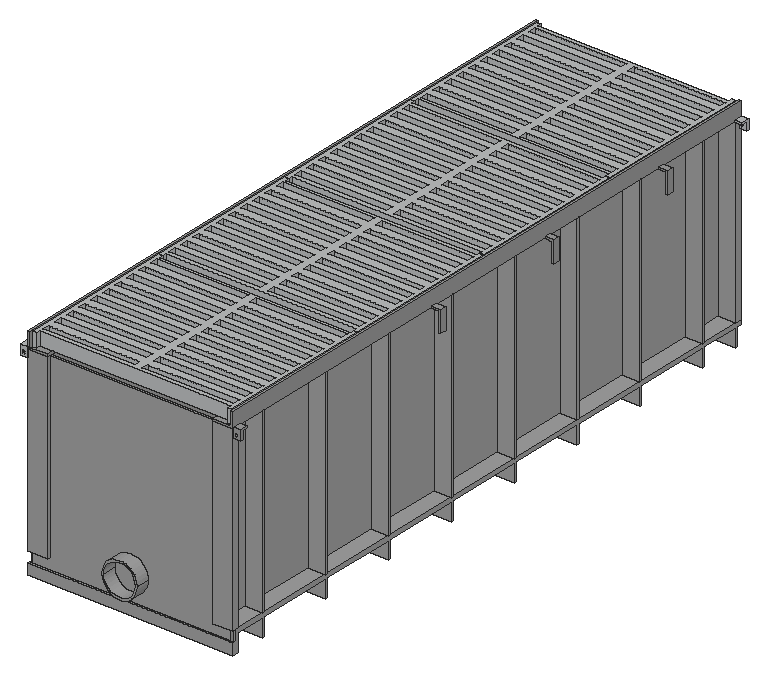
Revit family "Drain_Trench-Zurn-Z874-U-21-HDG", category Plumbing Fixtures, Revit 2022
Family settings
  Round Connector Dimension = Use Radius
  Part Type = Normal
  OmniClass Number = 23.70.50.21.24.14
  OmniClass Title = Deck Waste Water Drains
  Work Plane-Based = No
  Always vertical = Yes
  Cut with Voids When Loaded = No
  Maintain Annotation Orientation = No
  Shared = No
  Room Calculation Point = No
Parameters (values of type "Load Family Type Catalog")
  Waste Connection = 1 = 1  # yes
  WFU = 1  # constant formula
  Vent Connection = 1 = 0  # no
  URL = "www.zurn.com"
  Type Comments = "Z874-U-21-HDG with 4 Inch End outlet"
  Rotation Angle = if(Bottom Outlet, 180.00°, 90.00°)  # 90.00°
  Product data url = "https://www.bimobject.com/zurnindustries/product/z874-u-21-hdg"
  Product Page URL = "https://www.zurn.com/products/drainage-interceptors/trench-drain-systems/linear-trench-drain/sports-complex-recreational/z874-u-21-hdg"
  Product Documentation Link = "https://files.zurn.com/spec-sheets/303444.pdf"
  Pipe Size_A Outer Diameter = 4.500"
  Pipe Size_A Nominal Diameter = 4.000"
  Pipe Size_A Inside Diameter = 4.026"
  Offset Distance [instance] = if(Bottom Outlet, Connector Radius + 2.750", 42.000")  # 42.000"
  Modified Date = "03/06/2026"  # constant formula
  Model = "Z874-U-21-HDG"
  Material_Grate [instance] = Iron - Zurn - Galvanized- Ductile
  Manufacurer Brand = "Zurn"  # constant formula
  Manufacturer = "Zurn Water, LLC"  # constant formula
  Main Material [instance] = Polymer - Zurn - HDPE - Grey
  HWFU = 0  # constant formula
  HW Connection = 1 = 0  # no
  Frame Material = Steel - Zurn  - Galvanized
  Frame Adjustment Height [instance] = if([Enter Value-Frame Adjustment Height] < 4.000", 4.000", if([Enter Value-Frame Adjustment Height] > 31.250", 31.250", [Enter Value-Frame Adjustment Height]))  # 25.000"
  Enter Value-Frame Adjustment Height [instance] = 25.000"
  End Outlet = yes
  Description = "UTILITY TRENCH W/ GALVANIZED STEEL FRAME 21 [533] THROAT WIDTH & COVER"  # constant formula
  Default Elevation = 20.000"  # constant formula
  Date Created = "03/06/2026"  # constant formula
  Connector Visibility = no
  Connector Radius = Pipe Size_A Nominal Diameter / 2  # 2.000"
  CWFU = 0  # constant formula
  CW Connection = 1 = 0  # no
  Bottom Outlet = no
  Assembly Code = "D2040300"
Reference planes (in)
  plane 1 "Center (Front/Back)": y = 0
  plane 2: z = 0
  plane 3 "Center (Left/Right)": x = 0
  plane 4: z = 0
  plane 5: x = -13
  plane 6: x = 13
  plane 7: x = -12.75
  plane 8: x = 12.75
  plane 9: x = -10.5
  plane 10: x = 10.5
  plane 11: z = -2
  plane 12: z = -1.75
  plane 13: y = 40.28125
  plane 14: y = -40.28125
  plane 15: z = -27.75
  plane 16: z = -25
  plane 17: z = -25
  plane 18 "bottom": z = -27.75
  plane 19: x = -14
  plane 20: x = 14
  plane 21: z = -27.75
  plane 22: z = -25
  plane 23: z = -23
  plane 24 "End": y = -42
  plane 25: y = -42
  plane 26: z = -22.34318
  plane 27: z = -21
  plane 28: z = -25
  plane 29: y = -20
  plane 30: y = 0
  plane 31: y = 20
  plane 32: y = 39.71875
  plane 33: y = -40
  plane 34: y = 40
  plane 35: z = -4.47
  plane 36: y = -2
  plane 37: y = 2
  plane 38: x = 2
  plane 39: x = -2
Forms (in)
  Extrusion 1, solid, material "Steel - Zurn  - Galvanized" <- "Frame Material", detail levels fine
    sketch origin (0.5, 0, -1.75) x (1, 0, 0) y (0, 0, 1)
      loop
        line (10, -0.25) -> (12.5, -0.25) -> (12.5, 1.75) -> (12.25, 1.75) -> (12.25, 0) -> (10, 0) -> (10, -0.25)
      loop
        line (-11, -0.25) -> (-11, 0) -> (-13.25, 0) -> (-13.25, 1.75) -> (-13.5, 1.75) -> (-13.5, -0.25) -> (-11, -0.25)
    from -40.28125 to 40.28125
  Extrusion 2, solid, material "Polymer - Zurn - HDPE - Grey" <- "Main Material", detail levels fine
    sketch origin (-0.0023, -0.4887, 0) x (1, 0, 0) y (0, 1, 0)
      loop
        line (10.5023, -39.29255) -> (12.7523, -39.29255) -> (12.7523, -39.54255) -> (10.5023, -39.54255) -> (10.5023, -39.79255) -> (13.0023, -39.79255) -> (13.0023, -39.04255) -> (10.7523, -39.04255) -> (10.7523, -35.125) -> (13.0023, -35.125) -> (13.0023, -34.875) -> (10.7523, -34.875) -> (10.7523, -25.125) -> (13.0023, -25.125) -> (13.0023, -24.875) -> (10.7523, -24.875) -> (10.7523, -15.125) -> (13.0023, -15.125) -> (13.0023, -14.875) -> (10.7523, -14.875) -> (10.7523, -5.125) -> (13.0023, -5.125) -> (13.0023, -4.875) -> (10.7523, -4.875) -> (10.7523, 4.875) -> (13.0023, 4.875) -> (13.0023, 5.125) -> (10.7523, 5.125) -> (10.7523, 14.875) -> (13.0023, 14.875) -> (13.0023, 15.125) -> (10.7523, 15.125) -> (10.7523, 24.75188) -> (13.0023, 24.75188) -> (13.0023, 25.00188) -> (10.7523, 25.00188) -> (10.7523, 34.75188) -> (13.0023, 34.75188) -> (13.0023, 35.00188) -> (10.7523, 35.00188) -> (10.7523, 40.01995) -> (13.0023, 40.01995) -> (13.0023, 40.76995) -> (10.5023, 40.76995) -> (10.5023, 40.51995) -> (12.7523, 40.51995) -> (12.7523, 40.26995) -> (10.5023, 40.26995) -> (10.5023, -39.29255)
      loop
        line (-10.4977, -39.29255) -> (-10.4977, 40.26995) -> (-12.7477, 40.26995) -> (-12.7477, 40.51995) -> (-10.4977, 40.51995) -> (-10.4977, 40.76995) -> (-12.9977, 40.76995) -> (-12.9977, 40.01995) -> (-10.7477, 40.01995) -> (-10.7477, 35.00188) -> (-12.9977, 35.00188) -> (-12.9977, 34.75188) -> (-10.7477, 34.75188) -> (-10.7477, 25.00188) -> (-12.9977, 25.00188) -> (-12.9977, 24.75188) -> (-10.7477, 24.75188) -> (-10.7477, 15.125) -> (-12.9977, 15.125) -> (-12.9977, 14.875) -> (-10.7477, 14.875) -> (-10.7477, 5.125) -> (-12.9977, 5.125) -> (-12.9977, 4.875) -> (-10.7477, 4.875) -> (-10.7477, -4.875) -> (-12.9977, -4.875) -> (-12.9977, -5.125) -> (-10.7477, -5.125) -> (-10.7477, -14.875) -> (-12.9977, -14.875) -> (-12.9977, -15.125) -> (-10.7477, -15.125) -> (-10.7477, -24.875) -> (-12.9977, -24.875) -> (-12.9977, -25.125) -> (-10.7477, -25.125) -> (-10.7477, -34.875) -> (-12.9977, -34.875) -> (-12.9977, -35.125) -> (-10.7477, -35.125) -> (-10.7477, -39.04255) -> (-12.9977, -39.04255) -> (-12.9977, -39.79255) -> (-10.4977, -39.79255) -> (-10.4977, -39.54255) -> (-12.7477, -39.54255) -> (-12.7477, -39.29255) -> (-10.4977, -39.29255)
    from -25 to -2
  Extrusion 3, solid, material "Polymer - Zurn - HDPE - Grey" <- "Main Material", detail levels fine
    sketch origin (0, 0, -7.7389) x (0, 1, 0) y (0, 0, 1)
      loop
        line (-15.6137, -17.7611) -> (-15.6137, -20.0111) -> (-15.3637, -20.0111) -> (-15.3637, -17.7611) -> (-5.6137, -17.7611) -> (-5.6137, -20.0111) -> (-5.3637, -20.0111) -> (-5.3637, -17.7611) -> (4.3863, -17.7611) -> (4.3863, -20.0111) -> (4.6363, -20.0111) -> (4.6363, -17.7611) -> (14.3863, -17.7611) -> (14.3863, -20.0111) -> (14.6363, -20.0111) -> (14.6363, -17.7611) -> (24.26319, -17.7611) -> (24.26319, -20.0111) -> (24.51319, -20.0111) -> (24.51319, -17.7611) -> (34.26319, -17.7611) -> (34.26319, -20.0111) -> (34.51319, -20.0111) -> (34.51319, -17.7611) -> (39.53125, -17.7611) -> (39.53125, -20.0111) -> (39.71875, -20.0111) -> (39.71875, -17.7611) -> (40.28125, -17.7611) -> (40.28125, -17.2611) -> (-39.78125, -17.2611) -> (-39.78125, -19.3241) -> (-40.03125, -19.3241) -> (-40.03125, -18.5736) -> (-40.28125, -18.5736) -> (-40.28125, -20.0111) -> (-39.53125, -20.0111) -> (-39.53125, -17.7611) -> (-35.6137, -17.7611) -> (-35.6137, -20.0111) -> (-35.3637, -20.0111) -> (-35.3637, -17.7611) -> (-25.6137, -17.7611) -> (-25.6137, -20.0111) -> (-25.3637, -20.0111) -> (-25.3637, -17.7611) -> (-15.6137, -17.7611)
    from -13 to 13
  Extrusion 4, solid, material "Polymer - Zurn - HDPE - Grey" <- "Main Material", visible <- "Bottom Outlet", detail levels fine
    sketch origin (0, 0, 0) x (1, 0, 0) y (0, 1, 0)
      loop
        circle (0, 0) r 2.25
      loop
        circle (0, 0) r 2.013
    from -25.5 to -27.75
  Sweep 5, solid, material "Polymer - Zurn - HDPE - Grey" <- "Main Material", visible <- "Connector Visibility", detail levels fine
    path in 3D
      loop
        line (0, 0, -23) -> (0, -42, -23)
    profile origin (0, -21, -23) x (0, 0, -1) y (1, 0, 0)
      loop
        circle (0, 0) r 0.3
  Extrusion 6, solid, material "Polymer - Zurn - HDPE - Grey" <- "Main Material", visible <- "End Outlet", detail levels fine
    sketch origin (0, -0.95745, 0) x (1, 0, 0) y (0, 1, 0)
      loop
        line (-12.583, -39.0738) -> (12.583, -39.0738) -> (12.583, -38.8238) -> (-12.583, -38.8238) -> (-12.583, -39.0738)
    from -27.75 to -2
  Extrusion 7, solid, material "Polymer - Zurn - HDPE - Grey" <- "Main Material", visible <- "End Outlet", detail levels fine
    sketch origin (0, 0, 0) x (1, 0, 0) y (0, 0, 1)
      loop
        circle (0, -23) r 2.25
      loop
        circle (0, -23) r 2.013
    from 40.28125 to 42
  Extrusion 8, solid, material "Steel - Zurn  - Galvanized" <- "Frame Material", detail levels fine
    sketch origin (2.91829, -17.83491, -1.4875) x (1, 0, 0) y (0, 0, 1)
      loop
        line (5.58171, -0.2625) -> (5.58171, -0.5125) -> (6.58171, -0.5125) -> (6.58171, -2.9825) -> (6.83171, -2.9825) -> (6.83171, -0.2625) -> (5.58171, -0.2625)
      loop
        line (-15.91829, -0.2625) -> (-17.16829, -0.2625) -> (-17.16829, -2.9825) -> (-16.91829, -2.9825) -> (-16.91829, -0.5125) -> (-15.91829, -0.5125) -> (-15.91829, -0.2625)
    from 9.32009 to 10.0701
  Extrusion 9, solid, material "Steel - Zurn  - Galvanized" <- "Frame Material", detail levels fine
    sketch origin (0, 0, 0) x (0, 1, 0) y (0, 0, 1)
      loop
        line (-40.28125, -1.75) -> (-40.28125, -3) -> (-40.03125, -3) -> (-40.03125, -2) -> (-39.28125, -2) -> (-39.28125, -1.75) -> (-40.28125, -1.75)
    from 14 to 13
  Extrusion 10, void
    sketch origin (0, 0, 0) x (1, 0, 0) y (0, 0, 1)
      loop
        circle (13.5, -2.5) r 0.1875
      loop
        circle (-13.5, -2.5) r 0.1875
    from 39.78125 to 40.28125
  Extrusion 11, solid, material "Iron - Zurn - Galvanized- Ductile" <- "Material_Grate", detail levels fine
    sketch origin (0, 0, 0) x (0, 1, 0) y (0, 0, -1)
      loop
        line (-40.28125, 1.75) -> (-39.28125, 1.75) -> (-39.28125, 2) -> (-40.03125, 2) -> (-40.03125, 3) -> (-40.28125, 3) -> (-40.28125, 1.75)
    from 13 to 14
  Extrusion 12, void
    sketch origin (0, 0, 0) x (-1, 0, 0) y (0, 0, -1)
      loop
        circle (13.5, 2.5) r 0.1875
      loop
        circle (-13.5, 2.5) r 0.1875
    from 39.78125 to 40.28125
  Extrusion 13, solid, material "Iron - Zurn - Galvanized- Ductile" <- "Material_Grate", detail levels fine
    sketch origin (0, 0, 0) x (0, -1, 0) y (0, 0, 1)
      loop
        line (-40.28125, -1.75) -> (-40.28125, -3) -> (-40, -3) -> (-40, -2) -> (-39.28125, -2) -> (-39.28125, -1.75) -> (-40.28125, -1.75)
    from 13 to 14
  Extrusion 14, void
    sketch origin (0, 0, 0) x (-1, 0, 0) y (0, 0, 1)
      loop
        circle (13.5, -2.5) r 0.1875
      loop
        circle (-13.5, -2.5) r 0.1875
    from 39.78125 to 40.28125
  Extrusion 15, solid, material "Iron - Zurn - Galvanized- Ductile" <- "Material_Grate", detail levels fine
    sketch origin (0, 0, 0) x (0, -1, 0) y (0, 0, -1)
      loop
        line (-40.28125, 1.75) -> (-39.28125, 1.75) -> (-39.28125, 2) -> (-40, 2) -> (-40, 3) -> (-40.28125, 3) -> (-40.28125, 1.75)
    from 13 to 14
  Extrusion 16, void
    sketch origin (0, 0, 0) x (-1, 0, 0) y (0, 0, 1)
      loop
        circle (13.5, -2.5) r 0.1875
      loop
        circle (-13.5, -2.5) r 0.1875
    from 39.78125 to 40.28125
  Extrusion 17, solid, material "Steel - Zurn  - Galvanized" <- "Frame Material", detail levels fine
    sketch origin (2.91829, 17.83491, -1.4875) x (1, 0, 0) y (0, 0, -1)
      loop
        line (10.08171, 0.2625) -> (11.33171, 0.2625) -> (11.33171, 2.9825) -> (11.08171, 2.9825) -> (11.08171, 0.5125) -> (10.08171, 0.5125) -> (10.08171, 0.2625)
      loop
        line (-15.91829, 0.2625) -> (-15.91829, 0.5125) -> (-16.91829, 0.5125) -> (-16.91829, 2.9825) -> (-17.16829, 2.9825) -> (-17.16829, 0.2625) -> (-15.91829, 0.2625)
    from 9.32009 to 10.0701
  Extrusion 18, solid, material "Steel - Zurn  - Galvanized" <- "Frame Material", detail levels fine
    sketch origin (2.91829, -0.16509, -1.4875) x (1, 0, 0) y (0, 0, -1)
      loop
        line (10.08171, 0.2625) -> (11.33171, 0.2625) -> (11.33171, 2.9825) -> (11.08171, 2.9825) -> (11.08171, 0.5125) -> (10.08171, 0.5125) -> (10.08171, 0.2625)
      loop
        line (-15.91829, 0.2625) -> (-15.91829, 0.5125) -> (-16.91829, 0.5125) -> (-16.91829, 2.9825) -> (-17.16829, 2.9825) -> (-17.16829, 0.2625) -> (-15.91829, 0.2625)
    from 9.32009 to 10.0701
  Extrusion 19, solid, material "Steel - Zurn  - Galvanized" <- "Frame Material", detail levels fine
    sketch origin (2.91829, -18.16509, -1.4875) x (1, 0, 0) y (0, 0, -1)
      loop
        line (10.08171, 0.2625) -> (11.33171, 0.2625) -> (11.33171, 2.9825) -> (11.08171, 2.9825) -> (11.08171, 0.5125) -> (10.08171, 0.5125) -> (10.08171, 0.2625)
      loop
        line (-15.91829, 0.2625) -> (-15.91829, 0.5125) -> (-16.91829, 0.5125) -> (-16.91829, 2.9825) -> (-17.16829, 2.9825) -> (-17.16829, 0.2625) -> (-15.91829, 0.2625)
    from 9.32009 to 10.0701
Cuts and joins
  Extrusion 10, Extrusion 12, Extrusion 14, Extrusion 16 cuts Extrusion 9
  Extrusion 12, Extrusion 14, Extrusion 16 cuts Extrusion 11
  Extrusion 14 cuts Extrusion 13
  Extrusion 16 cuts Extrusion 15
Lines and regions (in)
  Masking region 1, visible <- "End Outlet", detail levels fine
    outline origin (0, 0, 0) x (1, 0, 0) y (0, 1, 0)
      loop
        line (-2.25, -42) -> (2.25, -42) -> (2.25, -40.28125) -> (-2.25, -40.28125) -> (-2.25, -42)
  Masking region 2, detail levels fine
    outline origin (0, 0, 0) x (1, 0, 0) y (0, 1, 0)
      loop
        line (-14, 40.28125) -> (-14, 39.28125) -> (-13, 39.28125) -> (-13, 27.90502) -> (-14.25, 27.90502) -> (-14.25, 27.155) -> (-13, 27.155) -> (-13, 9.90502) -> (-14.25, 9.90502) -> (-14.25, 9.155) -> (-13, 9.155) -> (-13, -8.09498) -> (-14.25, -8.09498) -> (-14.25, -8.845) -> (-13, -8.845) -> (-13, -27.155) -> (-14.25, -27.155) -> (-14.25, -27.90502) -> (-13, -27.90502) -> (-13, -39.28125) -> (-14, -39.28125) -> (-14, -40.28125) -> (14, -40.28125) -> (14, -39.28125) -> (13, -39.28125) -> (13, -27.90502) -> (14.25, -27.90502) -> (14.25, -27.155) -> (13, -27.155) -> (13, -8.845) -> (14.25, -8.845) -> (14.25, -8.09498) -> (13, -8.09498) -> (13, 9.155) -> (14.25, 9.155) -> (14.25, 9.90502) -> (13, 9.90502) -> (13, 27.155) -> (14.25, 27.155) -> (14.25, 27.90502) -> (13, 27.90502) -> (13, 39.28125) -> (14, 39.28125) -> (14, 40.28125) -> (-14, 40.28125)
  reference lines
    curve 1: line (0, 0, -23) -> (0, -42, -23)
  sketch lines
    curve 2: line (0, 0, -23) -> (0, -42, -23)
  model lines, detail levels coarse+medium
    curve 3: line (-13, -40, 0) -> (-13, 40, 0)
    curve 4: line (13, 40, 0) -> (13, -40, 0)
    curve 5: line (13, 40, 0) -> (-13, 40, 0)
    curve 6: line (-13, -40, 0) -> (13, -40, 0)
    curve 7: line (0, -40.28125, 0) -> (0, -40.28125, -25)
    curve 8: line (0, -40.28125, -25) -> (0, 40.28125, -25)
    curve 9: line (0, 40.28125, -25) -> (0, 40.28125, 0)
    curve 13: line (0, 40.28125, 0) -> (0, 40, 0)
    curve 14: line (0, -40.28125, 0) -> (0, -40, 0)
    curve 15: line (-8.66667, 40, 0) -> (-8.66667, -40, 0)
    curve 16: line (8.66667, -40, 0) -> (8.66667, 40, 0)
    curve 17: line (0, 40, 0) -> (0, -40, 0)
    curve 18: line (-13, 36.36364, 0) -> (13, 36.36364, 0)
    curve 19: line (-13, 32.72727, 0) -> (13, 32.72727, 0)
    curve 20: line (-13, 29.09091, 0) -> (13, 29.09091, 0)
    curve 21: line (-13, 25.45455, 0) -> (13, 25.45455, 0)
    curve 22: line (-13, 21.81818, 0) -> (13, 21.81818, 0)
    curve 23: line (-13, 3.63636, 0) -> (13, 3.63636, 0)
    curve 24: line (-13, 7.27273, 0) -> (13, 7.27273, 0)
    curve 25: line (-13, 10.90909, 0) -> (13, 10.90909, 0)
    curve 26: line (-13, 14.54545, 0) -> (13, 14.54545, 0)
    curve 27: line (-13, 18.18182, 0) -> (13, 18.18182, 0)
    curve 28: line (-13, -36.36364, 0) -> (13, -36.36364, 0)
    curve 29: line (-13, -32.72727, 0) -> (13, -32.72727, 0)
    curve 30: line (-13, -29.09091, 0) -> (13, -29.09091, 0)
    curve 31: line (-13, -25.45455, 0) -> (13, -25.45455, 0)
    curve 32: line (-13, -21.81818, 0) -> (13, -21.81818, 0)
    curve 33: line (-13, -7.27273, 0) -> (13, -7.27273, 0)
    curve 34: line (-13, -10.90909, 0) -> (13, -10.90909, 0)
    curve 35: line (-13, -14.54545, 0) -> (13, -14.54545, 0)
    curve 36: line (-13, -18.18182, 0) -> (13, -18.18182, 0)
    curve 37: line (-12.75, 0, 0) -> (13, 0, 0)
    curve 38: line (13, -3.63636, 0) -> (-13, -3.63636, 0)
    curve 39: line (-4.33333, 40, 0) -> (-4.33333, -40, 0)
    curve 40: line (4.33333, -40, 0) -> (4.33333, 40, 0)
    curve 41: line (12.75, 40, 0) -> (12.75, -40, 0)
    curve 42: line (-12.75, -40, 0) -> (-12.75, 40, 0)
  model lines, visible <- "Bottom Outlet", detail levels coarse+medium
    curve 10: line (0, 0, -25) -> (0, 0, -27.75)
    curve 43: line (-2, 0, -27.75) -> (2, 0, -27.75)
    curve 44: line (0, 2, -27.75) -> (0, -2, -27.75)
  model lines, visible <- "End Outlet", detail levels coarse+medium
    curve 11: line (0, -42, -23) -> (0, -40.28125, -23)
    curve 12: line (0, -42, -21) -> (0, -42, -25)
    curve 45: line (-2, -42, -23) -> (2, -42, -23)
Dimensions and locks (in)
  locked: level to plane 4
  equal spacing: plane 6, plane 3 "Center (Left/Right)", plane 5
  locked: plane 6 to plane 5 at 26
  locked: plane 7 to plane 5 at 0.25
  locked: plane 6 to plane 8 at 0.25
  equal spacing: plane 10, plane 3 "Center (Left/Right)", plane 9
  locked: plane 10 to plane 9 at 21
  locked: plane 4 to plane 11 at 2
  locked: plane 12 to plane 11 at 0.25
  equal spacing: plane 13, plane 1 "Center (Front/Back)", plane 14
  locked: plane 13 to plane 14 at 80.5625
  locked: Extrusion 3 sketch curve to Extrusion 3 sketch curve at 0.25  (x11)
  locked: plane 16 to plane 15 at 2.75
  locked: plane 17 to plane 18 "bottom" at 2.75
  locked: plane 22 to plane 21 at 2.75
  "Offset Distance": curve 1 to curve 1
  locked: plane 1 "Center (Front/Back)" to plane 24 "End" at 42
  locked: plane 25 to plane 24 "End"
  plane 13 to plane 1 "Center (Front/Back)" to plane 14 = 40.28125" locked, 40.28125" locked
  locked: Extrusion 1 to Extrusion 2 sketch curve at 0.25  (x2)
  locked: Extrusion 2 sketch curve to Extrusion 2 sketch curve at 0.25  (x18)
  Extrusion 2 sketch curve to Extrusion 1 = 0.250"
  locked: Extrusion 2 sketch curve to Extrusion 1 at 0.25
  locked: Extrusion 6 sketch curve to Extrusion 6 sketch curve at 0.25
  level to plane 22 = 25.000"
  "Frame Adjustment Height": level to plane 17
  plane 11 to plane 17 = 23.000"
  "Connector Radius": plane 23 to plane 17
  locked: Extrusion 3 sketch curve to Extrusion 2 at 0.5
  locked: Extrusion 8 to Extrusion 8 at 0.75002
  locked: Extrusion 8 to Extrusion 8 at 0.25  (x2)
  locked: Extrusion 8 sketch curve to Extrusion 8 sketch curve at 0.25  (x2)
  locked: Extrusion 9 sketch curve to Extrusion 9 sketch curve at 1
  locked: Extrusion 9 sketch curve to Extrusion 9 sketch curve at 1.25
  locked: Extrusion 9 sketch curve to Extrusion 2 at 0.25
  Extrusion 9 to plane 6 = 0.000"
  locked: plane 11 to Extrusion 10 sketch curve at 0.5  (x2)
  locked: Extrusion 10 sketch curve to plane 6 at 0.5
  locked: plane 5 to Extrusion 10 sketch curve at 0.5
  equal spacing: plane 27, plane 23, plane 28
  "Pipe Size_A Nominal Diameter": plane 27 to plane 28
  plane 14 to Extrusion 8 to Extrusion 8 to plane 13 = 12.37623" locked, 0.75002" locked, 67.43625"
  plane 13 to Extrusion 8 to Extrusion 8 to plane 14 = 67.43625", 0.75002" locked, 12.37623" locked
  Extrusion 8 to Extrusion 8 = 0.250"
  equal spacing: Masking region 1 sketch curve, plane 3 "Center (Left/Right)", Masking region 1 sketch curve
  equal spacing: plane 34, plane 31, plane 30, plane 29, plane 33, locked at 20 each
  plane 7 to plane 3 "Center (Left/Right)" = 12.750"
  equal spacing: curve 5, curve 18, curve 19, curve 20, curve 21, curve 22, curve 27, curve 26, curve 25, curve 24, curve 23, curve 37, curve 38, curve 33, curve 34, curve 35, curve 36, curve 32, curve 31, curve 30, curve 29, curve 28, curve 6, locked at 3.63636 each
  locked: plane 12 to plane 35 at 2.72
  locked: Extrusion 2 sketch curve to Extrusion 2 sketch curve at 3.91755
  locked: Extrusion 2 sketch curve to nested 1 at 9.6244
  locked: Extrusion 2 sketch curve to Extrusion 2 sketch curve at 9.75  (x5)
  locked: Extrusion 2 sketch curve to Extrusion 2 sketch curve at 9.62688
  locked: Extrusion 2 sketch curve to Extrusion 2 sketch curve at 5.26806
  equal spacing: curve 3, curve 15, curve 39, curve 17, curve 40, curve 16, curve 4, locked at 4.33333 each
  locked: Extrusion 11 sketch curve to Extrusion 11 sketch curve at 1
  locked: Extrusion 11 sketch curve to Extrusion 11 sketch curve at 1.25
  locked: plane 11 to Extrusion 11 at 0.25
  locked: Extrusion 13 sketch curve to Extrusion 13 sketch curve at 1
  locked: Extrusion 13 sketch curve to Extrusion 13 sketch curve at 1.25
  locked: Extrusion 15 sketch curve to Extrusion 15 sketch curve at 1
  locked: Extrusion 15 sketch curve to Extrusion 15 sketch curve at 1.25
  locked: Extrusion 17 to Extrusion 17 at 0.75002  (x3)
  locked: Extrusion 17 to Extrusion 17 at 0.25
  locked: Extrusion 17 sketch curve to Extrusion 17 sketch curve at 0.25  (x2)
  locked: Extrusion 18 to Extrusion 18 at 0.75002  (x3)
  locked: Extrusion 18 to Extrusion 18 at 0.25
  locked: Extrusion 18 sketch curve to Extrusion 18 sketch curve at 0.25  (x2)
  locked: Extrusion 19 to Extrusion 19 at 0.75002  (x3)
  locked: Extrusion 19 to Extrusion 19 at 0.25
  locked: Extrusion 19 sketch curve to Extrusion 19 sketch curve at 0.25  (x2)
  locked: plane 20 to plane 6 at 1
  locked: plane 5 to plane 19 at 1
  locked: Extrusion 3 sketch curve to Extrusion 3 sketch curve at 0.1875
  locked: Extrusion 3 sketch curve to Extrusion 3 sketch curve at 1.4375
  equal spacing: plane 39, plane 3 "Center (Left/Right)", plane 38
  equal spacing: plane 36, plane 1 "Center (Front/Back)", plane 37
  "Pipe Size_A Nominal Diameter": plane 39 to plane 38
  "Pipe Size_A Nominal Diameter": plane 36 to plane 37
  "Pipe Size_A Outer Diameter": diameter of Extrusion 4 sketch curve
  "Pipe Size_A Inside Diameter": diameter of Extrusion 4 sketch curve
  "Pipe Size_A Outer Diameter": diameter of Extrusion 7 sketch curve
  "Pipe Size_A Inside Diameter": diameter of Extrusion 7 sketch curve
  "Rotation Angle": angle curve 1 to plane 1 "Center (Front/Back)"
  aligned and locked: plane 2 to level
  aligned and locked: Extrusion 1 sketch curve to plane 4
  aligned and locked: plane 4 to Extrusion 1 sketch curve
  aligned and locked: plane 5 to Extrusion 1 sketch curve
  aligned and locked: Extrusion 1 sketch curve to plane 7
  aligned and locked: plane 6 to Extrusion 1 sketch curve
  aligned and locked: Extrusion 1 sketch curve to plane 8
  aligned and locked: Extrusion 1 sketch curve to plane 9
  aligned and locked: Extrusion 1 sketch curve to plane 10
  aligned and locked: Extrusion 1 sketch curve to plane 11
  aligned and locked: plane 12 to Extrusion 1 sketch curve
  aligned and locked: plane 11 to Extrusion 1 sketch curve
  aligned and locked: Extrusion 1 sketch curve to plane 12
  aligned and locked: Extrusion 1 to plane 13
  aligned and locked: plane 14 to Extrusion 1
  aligned and locked: Extrusion 2 sketch curve to Extrusion 2 sketch curve  (x45)
  aligned and locked: plane 11 to Extrusion 2
  aligned and locked: Extrusion 3 sketch curve to Extrusion 3 sketch curve  (x10)
  aligned and locked: plane 15 to Extrusion 3 sketch curve  (x4)
  aligned and locked: Extrusion 3 sketch curve to plane 15  (x2)
  aligned and locked: Extrusion 2 to plane 17
  aligned and locked: plane 21 to Extrusion 3 sketch curve
  aligned and locked: Extrusion 3 sketch curve to plane 22
  aligned and locked: plane 17 to plane 22
  aligned and locked: plane 15 to plane 18 "bottom"
  aligned and locked: plane 1 "Center (Front/Back)" to curve 1
  aligned and locked: plane 23 to curve 1
  aligned and locked: profile plane to Sweep 5 sketch curve  (x2)
  aligned and locked: plane 3 "Center (Left/Right)" to Extrusion 4 sketch curve
  aligned and locked: plane 1 "Center (Front/Back)" to Extrusion 4 sketch curve
  aligned and locked: Extrusion 3 sketch curve to plane 13
  aligned and locked: Extrusion 3 sketch curve to plane 14
  aligned and locked: Extrusion 2 sketch curve to plane 14
  aligned and locked: Extrusion 2 sketch curve to plane 13
  aligned and locked: plane 11 to Extrusion 6
  aligned and locked: plane 23 to Extrusion 7 sketch curve  (x2)
  aligned and locked: plane 3 "Center (Left/Right)" to Extrusion 7 sketch curve  (x2)
  aligned and locked: Extrusion 7 to plane 25
  aligned and locked: Extrusion 7 to plane 14
  aligned and locked: Extrusion 4 to plane 18 "bottom"
  aligned and locked: Extrusion 4 to Extrusion 3
  aligned and locked: Extrusion 9 sketch curve to plane 12
  aligned and locked: Extrusion 9 sketch curve to plane 11
  aligned and locked: Extrusion 1 to Extrusion 10
  aligned and locked: Extrusion 10 to Extrusion 2
  aligned and locked: plane 13 to curve 9
  aligned and locked: plane 17 to curve 8
  aligned and locked: curve 7 to plane 14
  aligned and locked: plane 17 to curve 10
  aligned and locked: plane 18 "bottom" to curve 10
  aligned and locked: plane 1 "Center (Front/Back)" to curve 10
  aligned and locked: plane 25 to curve 11
  aligned and locked: plane 14 to curve 11
  aligned and locked: curve 11 to plane 23
  aligned and locked: plane 27 to curve 12
  aligned and locked: plane 28 to curve 12
  aligned and locked: curve 12 to plane 3 "Center (Left/Right)"
  aligned and locked: Extrusion 8 sketch curve to plane 12  (x2)
  aligned and locked: plane 11 to Extrusion 8 sketch curve
  aligned and locked: Extrusion 8 sketch curve to plane 11
  aligned and locked: plane 12 to Extrusion 8
  aligned and locked: Extrusion 7 to Masking region 1 sketch curve  (x2)
  aligned and locked: plane 10 to Extrusion 2 sketch curve
  aligned and locked: plane 9 to Extrusion 2 sketch curve  (x3)
  aligned and locked: nested 1 to plane 12
  aligned and locked: plane 12 to nested 2
  aligned and locked: nested 3 to plane 12
  aligned and locked: nested 4 to plane 34
  aligned and locked: plane 31 to nested 3
  aligned and locked: plane 30 to nested 2
  aligned and locked: plane 33 to nested 1
  aligned and locked: plane 12 to nested 4
  aligned and locked: curve 6 to plane 33
  aligned and locked: plane 4 to curve 14
  aligned and locked: curve 13 to plane 4
  aligned and locked: plane 33 to curve 15
  aligned and locked: plane 34 to curve 15
  aligned and locked: Extrusion 2 sketch curve to plane 8
  aligned and locked: Extrusion 2 sketch curve to plane 7
  aligned and locked: Extrusion 2 sketch curve to plane 10
  aligned and locked: plane 8 to Extrusion 2 sketch curve
  aligned and locked: plane 7 to Extrusion 2 sketch curve
  aligned and locked: plane 5 to Extrusion 2 sketch curve  (x4)
  aligned and locked: plane 6 to Extrusion 2 sketch curve  (x2)
  aligned and locked: Extrusion 2 sketch curve to plane 6
  aligned and locked: Extrusion 3 to Extrusion 1
  aligned and locked: plane 5 to curve 18
  aligned and locked: plane 6 to curve 30
  aligned and locked: plane 6 to curve 35
  aligned and locked: curve 41 to plane 8
  aligned and locked: plane 7 to curve 42
  aligned and locked: Extrusion 11 to Extrusion 8
  aligned and locked: cut or joined group of Extrusion 15, Extrusion 16 to plane 13
  aligned and locked: cut or joined group of Extrusion 15, Extrusion 16 to plane 34
  aligned and locked: plane 12 to cut or joined group of Extrusion 15, Extrusion 16
  aligned and locked: plane 12 to cut or joined group of Extrusion 13, Extrusion 14
  aligned and locked: cut or joined group of Extrusion 13, Extrusion 14 to plane 11
  aligned and locked: cut or joined group of Extrusion 13, Extrusion 14 to plane 13
  aligned and locked: cut or joined group of Extrusion 13, Extrusion 14 to plane 34
  aligned and locked: Extrusion 3 sketch curve to plane 32
  aligned and locked: Extrusion 18 sketch curve to plane 12
  aligned and locked: plane 11 to Extrusion 18 sketch curve
  aligned and locked: plane 35 to Extrusion 18 sketch curve  (x3)
  aligned and locked: plane 12 to Extrusion 18 sketch curve
  aligned and locked: Extrusion 17 sketch curve to plane 12
  aligned and locked: plane 11 to Extrusion 17 sketch curve
  aligned and locked: plane 12 to Extrusion 17 sketch curve
  aligned and locked: Extrusion 17 sketch curve to plane 11
  aligned and locked: plane 12 to Extrusion 19 sketch curve
  aligned and locked: Extrusion 19 sketch curve to plane 11
  aligned and locked: Extrusion 19 sketch curve to plane 35
  aligned and locked: plane 35 to Extrusion 19 sketch curve  (x2)
  aligned and locked: Extrusion 19 sketch curve to plane 12
  aligned and locked: plane 11 to Extrusion 19 sketch curve
  aligned and locked: plane 6 to Extrusion 19 sketch curve
  aligned and locked: plane 5 to Extrusion 19 sketch curve
  aligned and locked: plane 35 to Extrusion 8 sketch curve
  aligned and locked: Extrusion 8 sketch curve to plane 35
  aligned and locked: plane 5 to Extrusion 8 sketch curve
  aligned and locked: plane 19 to Extrusion 8 sketch curve
  aligned and locked: plane 19 to Extrusion 19 sketch curve
  aligned and locked: plane 20 to Extrusion 19 sketch curve
  aligned and locked: plane 20 to Extrusion 18 sketch curve
  aligned and locked: plane 19 to Extrusion 18 sketch curve
  aligned and locked: Extrusion 18 sketch curve to plane 11
  aligned and locked: plane 19 to Extrusion 17 sketch curve
  aligned and locked: plane 35 to Extrusion 17 sketch curve
  aligned and locked: plane 20 to Extrusion 17 sketch curve
  aligned and locked: plane 6 to Extrusion 17 sketch curve
  aligned and locked: plane 18 "bottom" to Extrusion 6
  aligned and locked: Extrusion 11 to Extrusion 1
  aligned and locked: plane 20 to Extrusion 9
  aligned and locked: Extrusion 9 to Extrusion 1
  aligned and locked: Extrusion 15 to Extrusion 1
  aligned and locked: plane 20 to Extrusion 15
  aligned and locked: Extrusion 13 to Extrusion 1
  aligned and locked: Extrusion 13 to plane 19
  aligned and locked: plane 13 to Masking region 2 sketch curve
  aligned and locked: plane 19 to Masking region 2 sketch curve  (x2)
  aligned and locked: plane 20 to Masking region 2 sketch curve  (x2)
  aligned and locked: Masking region 2 sketch curve to plane 5  (x4)
  aligned and locked: Masking region 2 sketch curve to cut or joined group of Extrusion 13, Extrusion 14
  aligned and locked: Extrusion 17 to Masking region 2 sketch curve
  aligned and locked: Masking region 2 sketch curve to cut or joined group of Extrusion 11, Extrusion 12, Extrusion 14, Extrusion 16  (x2)
  aligned and locked: Masking region 2 sketch curve to Extrusion 17  (x5)
  aligned and locked: Extrusion 18 to Masking region 2 sketch curve
  aligned and locked: Masking region 2 sketch curve to Extrusion 19
  aligned and locked: Masking region 2 sketch curve to Extrusion 8
  aligned and locked: Masking region 2 sketch curve to plane 6  (x5)
  aligned and locked: plane 14 to Masking region 2 sketch curve
  aligned and locked: Extrusion 3 sketch curve to Extrusion 2  (x2)
  aligned and locked: Extrusion 2 to Extrusion 3 sketch curve  (x6)
  aligned and locked: Extrusion 19 to Masking region 2  (x2)
  aligned and locked: Masking region 2 to Extrusion 19  (x2)
  aligned and locked: Masking region 2 to Extrusion 18  (x2)
  aligned and locked: Extrusion 18 to Masking region 2  (x2)
  aligned and locked: Extrusion 17 to Masking region 2
  aligned and locked: plane 37 to curve 44
  aligned and locked: plane 36 to curve 44
  aligned and locked: curve 44 to plane 3 "Center (Left/Right)"
  aligned and locked: plane 38 to curve 43
  aligned and locked: plane 39 to curve 43
  aligned and locked: plane 1 "Center (Front/Back)" to curve 43
  aligned and locked: plane 39 to curve 45
  aligned and locked: plane 38 to curve 45
  aligned and locked: plane 24 "End" to curve 45
Automatic sketch dimensions
  curve 14 to plane 33 = 0.000"
  curve 13 to plane 34 = 0.000"
  Extrusion 2 sketch curve to plane 6 = 0.000"  (x5)
  plane 14 to Extrusion 2 sketch curve = 0.000"
  plane 13 to Extrusion 2 sketch curve = 0.000"
  Extrusion 3 sketch curve to plane 15 = 0.000"
  plane 15 to Extrusion 3 sketch curve = 0.687"
  Extrusion 3 sketch curve to Extrusion 3 sketch curve = 0.500"
  plane 7 to Extrusion 6 sketch curve = 0.167"
  Extrusion 6 sketch curve to plane 8 = 0.167"
  Extrusion 6 sketch curve to plane 33 = 0.03125"
  Extrusion 9 sketch curve to plane 33 = 0.03125"
  Extrusion 11 sketch curve to plane 14 = 0.000"
  Extrusion 11 sketch curve to plane 11 = 0.000"
  Extrusion 11 sketch curve to plane 12 = 0.000"
  Extrusion 11 sketch curve to plane 33 = 0.03125"
  plane 6 to Extrusion 12 sketch curve = 0.500"
  Extrusion 12 sketch curve to plane 5 = 0.500"
  Extrusion 12 sketch curve to plane 11 = 0.500"  (x2)
  Extrusion 13 sketch curve to plane 13 = 0.000"
  Extrusion 13 sketch curve to plane 11 = 0.000"
  Extrusion 13 sketch curve to plane 34 = 0.000"
  Extrusion 13 sketch curve to plane 12 = 0.000"
  plane 6 to Extrusion 14 sketch curve = 0.500"
  Extrusion 14 sketch curve to plane 5 = 0.500"
  Extrusion 14 sketch curve to plane 11 = 0.500"  (x2)
  Extrusion 15 sketch curve to plane 13 = 0.000"
  Extrusion 15 sketch curve to plane 11 = 0.000"
  Extrusion 15 sketch curve to plane 34 = 0.000"
  Extrusion 15 sketch curve to plane 12 = 0.000"
  plane 6 to Extrusion 16 sketch curve = 0.500"
  Extrusion 16 sketch curve to plane 5 = 0.500"
  Extrusion 16 sketch curve to plane 11 = 0.500"  (x2)
  Extrusion 17 sketch curve to plane 5 = 0.000"
  Extrusion 17 sketch curve to plane 35 = 0.000"
  Extrusion 18 sketch curve to plane 5 = 0.000"
  Extrusion 18 sketch curve to plane 6 = 0.000"
  Extrusion 8 sketch curve to plane 10 = 2.000"
  Extrusion 8 sketch curve to Extrusion 8 sketch curve = 1.000"
  Extrusion 4 sketch curve to Extrusion 4 sketch curve = 0.000"  (x2)
  Masking region 2 sketch curve to plane 5 = 0.000"
  plane 20 to Masking region 2 sketch curve = 0.250"  (x3)
  plane 33 to Masking region 2 sketch curve = 0.71875"
  Masking region 2 sketch curve to plane 29 = 7.90502"  (x2)
  Masking region 2 sketch curve to Masking region 2 sketch curve = 0.75002"  (x6)
  Masking region 2 sketch curve to plane 32 = 0.4375"
  Masking region 2 sketch curve to plane 1 "Center (Front/Back)" = 9.155"  (x2)
  plane 1 "Center (Front/Back)" to Masking region 2 sketch curve = 8.845"  (x2)
  Masking region 1 sketch curve to plane 39 = 0.250"
  radius of Sweep 5 sketch curve = 0.300"
  radius of Extrusion 10 sketch curve = 0.1875"  (x2)
  radius of Extrusion 12 sketch curve = 0.1875"  (x2)
  radius of Extrusion 14 sketch curve = 0.1875"  (x2)
  radius of Extrusion 16 sketch curve = 0.1875"  (x2)
Nested families (in)
  nested 1: "Grate" at (0, -30, 0), Material_Grate <- "Material_Grate", type "Grate", detail levels fine
    with Material_Grate Iron - Zurn - Galvanized- Ductile, Frame Adjustment Height 3.063", Enter Value-Frame Adjustment Height 0.000"
  nested 2: "Grate" at (0, -10, 0), Material_Grate <- "Material_Grate", type "Grate", detail levels fine
    with Material_Grate Iron - Zurn - Galvanized- Ductile, Frame Adjustment Height 3.063", Enter Value-Frame Adjustment Height 0.000"
  nested 3: "Grate" at (0, 10, 0), Material_Grate <- "Material_Grate", type "Grate", detail levels fine
    with Material_Grate Iron - Zurn - Galvanized- Ductile, Frame Adjustment Height 3.063", Enter Value-Frame Adjustment Height 0.000"
  nested 4: "Grate" at (0, 30, 0), Material_Grate <- "Material_Grate", type "Grate", detail levels fine
    with Material_Grate Iron - Zurn - Galvanized- Ductile, Frame Adjustment Height 3.063", Enter Value-Frame Adjustment Height 0.000"
Connectors (in)
  piping at (0, -42, -23), diameter 4, driven by "Connector Radius", driven by "Waste Connection"
    settings: on Sweep 5, index 1, connector inside diameter 24", connector length 0.000", flow factor 0, pipe flow 0 GPM, pressure drop 0.00 psi, fitting loss kfactor 0, connector angle 0.00°, fixture units 0, engagement length 0.000", angle of deflection 0.00°, flow configuration 0, flow direction 2, fitting loss method 0, system type 16, joint type 0, gender type 0, connector reference index -1, connector utility 1, adjustable connector no, is connector primary yes, connector description "Sanitary Outlet"
Definition of nested family "Grate"
  Parameters (values of type "Grate")
    Waste Connection = 1 = 1  # yes
    WFU = 1  # constant formula
    Vent Connection = 1 = 0  # no
    URL = "www.zurn.com"
    Product data url = ""
    Product Page URL = ""
    Product Installation Sheet URL = ""
    Product Documentation Link = ""
    Pipe Size_A Outer Diameter = 0.000"
    Pipe Size_A Nominal Diameter = 0.000"
    Pipe Size_A Inside Diameter = 0.000"
    Modified Date = ""
    Material_Grate [instance] = none
    Manufacurer Brand = "Zurn"  # constant formula
    Manufacturer = "Zurn Water, LLC"  # constant formula
    Main Material = none
    HWFU = 0  # constant formula
    HW Connection = 1 = 0  # no
    Grate Open Area = 0 mm
    Frame Adjustment Height [instance] = if([Enter Value-Frame Adjustment Height] < 3.063", 3.063", if([Enter Value-Frame Adjustment Height] > 5.000", 5.000", [Enter Value-Frame Adjustment Height]))  # 3.063"
    Enter Value-Frame Adjustment Height [instance] = 0.000"
    Default Elevation = 20.000"  # constant formula
    Date Created = ""
    Connector Radius = Pipe Size_A Nominal Diameter / 2  # 0.000"
    CWFU = 0  # constant formula
    CW Connection = 1 = 0  # no
    Body Height_E = 0.000"
    Assembly Code = ""
    Approx. Weight (Lbs) = 0.000"
  Reference planes (in)
    plane 1 "Center (Front/Back)": y = 0
    plane 2: z = 0
    plane 3 "Center (Left/Right)": x = 0
    plane 4: y = -17.64041
    plane 5: y = -18.85253
    plane 6: x = 12.125
    plane 7: x = -12.125
    plane 8: x = -0.5
    plane 9: x = 0.5
    plane 10: y = -10
    plane 11: y = -10
    plane 12: y = -8.09524
    plane 13: y = -9.04762
    plane 14: y = -6.19048
    plane 15: y = -7.14286
    plane 16: y = -4.28571
    plane 17: y = -5.2381
    plane 18: y = 8.09524
    plane 19: y = 9.04762
    plane 20: y = 6.19048
    plane 21: y = 7.14286
    plane 22: y = 4.28571
    plane 23: y = 5.2381
    plane 24: y = 2.38095
    plane 25: y = 3.33333
    plane 26: y = 0.47619
    plane 27: y = 1.42857
    plane 28: y = -1.42857
    plane 29: y = -0.47619
    plane 30: y = -3.33333
    plane 31: y = -2.38095
    plane 32: y = 10
    plane 33: x = -12.625
    plane 34: x = 12.625
  Forms (in)
    Extrusion 1, solid, material <- "Material_Grate", detail levels fine
      sketch origin (32.60582, 37.7453, 0) x (1, 0, 0) y (0, 1, 0)
        loop
          line (-45.23082, -27.7453) -> (-45.23082, -47.7453) -> (-44.73082, -47.7453) -> (-44.73082, -47.2453) -> (-20.48082, -47.2453) -> (-20.48082, -47.7453) -> (-19.98082, -47.7453) -> (-19.98082, -27.7453) -> (-20.48082, -27.7453) -> (-20.48082, -28.2453) -> (-44.73082, -28.2453) -> (-44.73082, -27.7453) -> (-45.23082, -27.7453)
        loop
          line (-20.48082, -46.79292) -> (-20.48082, -45.84054) -> (-32.10582, -45.84054) -> (-32.10582, -46.79292) -> (-20.48082, -46.79292)
        loop
          line (-20.48082, -44.88816) -> (-20.48082, -43.93578) -> (-32.10582, -43.93578) -> (-32.10582, -44.88816) -> (-20.48082, -44.88816)
        loop
          line (-20.48082, -42.9834) -> (-20.48082, -42.03102) -> (-32.10582, -42.03102) -> (-32.10582, -42.9834) -> (-20.48082, -42.9834)
        loop
          line (-20.48082, -28.69768) -> (-32.10582, -28.69768) -> (-32.10582, -29.65006) -> (-20.48082, -29.65006) -> (-20.48082, -28.69768)
        loop
          line (-20.48082, -30.60244) -> (-32.10582, -30.60244) -> (-32.10582, -31.55482) -> (-20.48082, -31.55482) -> (-20.48082, -30.60244)
        loop
          line (-20.48082, -32.50721) -> (-32.10582, -32.50721) -> (-32.10582, -33.45959) -> (-20.48082, -33.45959) -> (-20.48082, -32.50721)
        loop
          line (-20.48082, -34.41197) -> (-32.10582, -34.41197) -> (-32.10582, -35.36435) -> (-20.48082, -35.36435) -> (-20.48082, -34.41197)
        loop
          line (-20.48082, -36.31673) -> (-32.10582, -36.31673) -> (-32.10582, -37.26911) -> (-20.48082, -37.26911) -> (-20.48082, -36.31673)
        loop
          line (-20.48082, -38.22149) -> (-32.10582, -38.22149) -> (-32.10582, -39.17387) -> (-20.48082, -39.17387) -> (-20.48082, -38.22149)
        loop
          line (-44.73082, -46.79292) -> (-33.10582, -46.79292) -> (-33.10582, -45.84054) -> (-44.73082, -45.84054) -> (-44.73082, -46.79292)
        loop
          line (-44.73082, -44.88816) -> (-33.10582, -44.88816) -> (-33.10582, -43.93578) -> (-44.73082, -43.93578) -> (-44.73082, -44.88816)
        loop
          line (-44.73082, -42.9834) -> (-33.10582, -42.9834) -> (-33.10582, -42.03102) -> (-44.73082, -42.03102) -> (-44.73082, -42.9834)
        loop
          line (-44.73082, -28.69768) -> (-44.73082, -29.65006) -> (-33.10582, -29.65006) -> (-33.10582, -28.69768) -> (-44.73082, -28.69768)
        loop
          line (-44.73082, -30.60244) -> (-44.73082, -31.55482) -> (-33.10582, -31.55482) -> (-33.10582, -30.60244) -> (-44.73082, -30.60244)
        loop
          line (-44.73082, -32.50721) -> (-44.73082, -33.45959) -> (-33.10582, -33.45959) -> (-33.10582, -32.50721) -> (-44.73082, -32.50721)
        loop
          line (-44.73082, -34.41197) -> (-44.73082, -35.36435) -> (-33.10582, -35.36435) -> (-33.10582, -34.41197) -> (-44.73082, -34.41197)
        loop
          line (-44.73082, -36.31673) -> (-44.73082, -37.26911) -> (-33.10582, -37.26911) -> (-33.10582, -36.31673) -> (-44.73082, -36.31673)
        loop
          line (-44.73082, -38.22149) -> (-44.73082, -39.17387) -> (-33.10582, -39.17387) -> (-33.10582, -38.22149) -> (-44.73082, -38.22149)
        loop
          line (-20.48082, -40.12625) -> (-32.10582, -40.12625) -> (-32.10582, -41.07863) -> (-20.48082, -41.07863) -> (-20.48082, -40.12625)
        loop
          line (-44.73082, -40.12625) -> (-44.73082, -41.07863) -> (-33.10582, -41.07863) -> (-33.10582, -40.12625) -> (-44.73082, -40.12625)
      from -1.75 to 0
  Dimensions and locks (in)
    locked: plane 5 to plane 4 at 1.21212
    plane 8 to plane 3 "Center (Left/Right)" to plane 9 = 0.500" locked, 0.500" locked
    locked: Extrusion 1 sketch curve to Extrusion 1 sketch curve at 0.5
    plane 33 to plane 3 "Center (Left/Right)" to plane 34 = 12.625" locked, 12.625" locked
    locked: plane 33 to plane 7 at 0.5
    locked: plane 6 to plane 34 at 0.5
    equal spacing: plane 32, plane 1 "Center (Front/Back)", plane 11, locked at 10 each
    equal spacing: plane 32, plane 19, plane 18, plane 21, plane 20, plane 23, plane 22, plane 25, plane 24, plane 27, plane 26, plane 29, plane 28, plane 31, plane 30, plane 16, plane 17, plane 14, plane 15, plane 12, plane 13, plane 11, locked at 0.95238 each
    aligned and locked: plane 2 to level
    aligned and locked: Extrusion 1 sketch curve to Extrusion 1 sketch curve
    aligned and locked: plane 13 to Extrusion 1 sketch curve
    aligned and locked: Extrusion 1 sketch curve to plane 12
    aligned and locked: plane 15 to Extrusion 1 sketch curve
    aligned and locked: Extrusion 1 sketch curve to plane 14
    aligned and locked: plane 17 to Extrusion 1 sketch curve
    aligned and locked: Extrusion 1 sketch curve to plane 16
    aligned and locked: plane 7 to Extrusion 1 sketch curve  (x8)
    aligned and locked: Extrusion 1 sketch curve to plane 7  (x4)
    aligned and locked: plane 8 to Extrusion 1 sketch curve  (x3)
    aligned and locked: Extrusion 1 sketch curve to plane 8  (x6)
    aligned and locked: Extrusion 1 sketch curve to plane 9  (x7)
    aligned and locked: plane 9 to Extrusion 1 sketch curve  (x4)
    aligned and locked: plane 6 to Extrusion 1 sketch curve  (x11)
    aligned and locked: Extrusion 1 sketch curve to plane 19  (x2)
    aligned and locked: Extrusion 1 sketch curve to plane 18
    aligned and locked: plane 18 to Extrusion 1 sketch curve
    aligned and locked: Extrusion 1 sketch curve to plane 21  (x2)
    aligned and locked: Extrusion 1 sketch curve to plane 20
    aligned and locked: plane 20 to Extrusion 1 sketch curve
    aligned and locked: Extrusion 1 sketch curve to plane 23  (x2)
    aligned and locked: plane 22 to Extrusion 1 sketch curve  (x2)
    aligned and locked: Extrusion 1 sketch curve to plane 25  (x2)
    aligned and locked: Extrusion 1 sketch curve to plane 24
    aligned and locked: Extrusion 1 sketch curve to plane 27  (x2)
    aligned and locked: plane 26 to Extrusion 1 sketch curve
    aligned and locked: Extrusion 1 sketch curve to plane 26
    aligned and locked: Extrusion 1 sketch curve to plane 29  (x2)
    aligned and locked: plane 28 to Extrusion 1 sketch curve
    aligned and locked: Extrusion 1 sketch curve to plane 28
    aligned and locked: plane 16 to Extrusion 1 sketch curve
    aligned and locked: plane 14 to Extrusion 1 sketch curve
    aligned and locked: Extrusion 1 sketch curve to plane 15
    aligned and locked: plane 12 to Extrusion 1 sketch curve
    aligned and locked: Extrusion 1 sketch curve to plane 13
    aligned and locked: Extrusion 1 sketch curve to plane 6
    aligned and locked: Extrusion 1 sketch curve to plane 17
    aligned and locked: Extrusion 1 sketch curve to plane 31  (x2)
    aligned and locked: plane 30 to Extrusion 1 sketch curve
    aligned and locked: Extrusion 1 sketch curve to plane 30
    aligned and locked: plane 24 to Extrusion 1 sketch curve
    aligned and locked: plane 10 to plane 11
    aligned and locked: Extrusion 1 sketch curve to plane 32  (x2)
    aligned and locked: Extrusion 1 sketch curve to plane 33
    aligned and locked: Extrusion 1 sketch curve to plane 34
    aligned and locked: plane 11 to Extrusion 1 sketch curve
Types in the file's own list only (11): name | Type Comments | Rotation Angle | Pipe Size_A Outer Diameter | Pipe Size_A Nominal Diameter | Pipe Size_A Inside Diameter | End Outlet | Default Elevation | Connector Radius | Bottom Outlet
  Z874-U-21-HDG-2NH-E2 | "Z874-U-21-HDG With 2 Inch No-Hub End outlet" | 90.00° | 2.375 " | 2.000 " | 2.067 " | Yes | 20.000 " | 1.000 " | No
  Z874-U-21-HDG-4NH-E4 | "Z874-U-21-HDG With 4 Inch No-Hub End outlet" | 90.00° | 4.500 " | 4.000 " | 4.026 " | Yes | 20.000 " | 2.000 " | No
  Z874-U-21-HDG-6NH-E6 | "Z874-U-21-HDG With 6 Inch No-Hub End outlet" | 90.00° | 6.625 " | 6.000 " | 6.065 " | Yes | 20.000 " | 3.000 " | No
  Z874-U-21-HDG-8NH-E8 | "Z874-U-21-HDG With 8 Inch No-Hub End outlet" | 90.00° | 8.625 " | 8.000 " | 7.981 " | Yes | 20.000 " | 4.000 " | No
  Z874-U-21-HDG-10NH-E10 | "Z874-U-21-HDG With 10 Inch No-Hub End outlet" | 90.00° | 10.750 " | 10.000 " | 10.020 " | Yes | 20.000 " | 5.000 " | No
  Z874-U-21-HDG-4NH-U4 | "Z874-U-21-HDG With 4 Inch No-Hub Bottom Outlet" | 180.00° | 4.500 " | 4.000 " | 4.026 " | No | 20.000 " | 2.000 " | Yes
  Z874-U-21-HDG-6NH-U6 | "Z874-U-21-HDG With 6 Inch No-Hub Bottom Outlet" | 180.00° | 6.625 " | 6.000 " | 6.065 " | No | 20.000 " | 3.000 " | Yes
  Z874-U-21-HDG-8NH-U8 | "Z874-U-21-HDG With 8 Inch No-Hub Bottom Outlet" | 180.00° | 8.625 " | 8.000 " | 7.981 " | No | 20.000 " | 4.000 " | Yes
  Z874-U-21-HDG-12NH-U12 | "Z874-U-21-HDG With 12 Inch No-Hub Bottom Outlet" | 180.00° | 12.750 " | 12.000 " | 12.000 " | No | 20.000 " | 6.000 " | Yes
  Z874-U-21-HDG-15NH-U15 | "Z874-U-21-HDG With 15 Inch No-Hub Bottom Outlet" | 180.00° | 15.000 " | 15.000 " | 13.312 " | No | 20.000 " | 7.500 " | Yes
  Z874-U-21-HDG-18NH-U18 | "Z874-U-21-HDG With 18 Inch No-Hub Bottom Outlet" | 180.00° | 18.000 " | 18.000 " | 16.880 " | No | 20.000 " | 9.000 " | Yes
